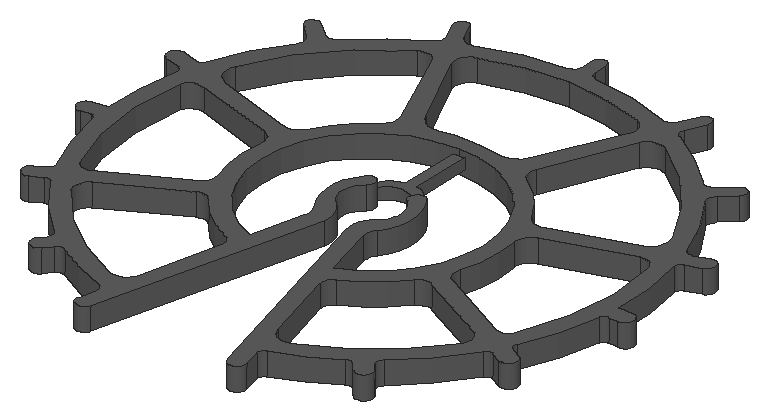
Revit family "101010009209804", category Modelos genéricos, Revit 2018
Family settings
  Puede alojar armadura = No
  Cota de conector redondo = Diámetro de uso
  Tipo de pieza = Normal
  Se basa en plano de trabajo = No
  Siempre vertical = No
  Corte con vacíos al cargar = No
  Compartido = No
  Punto de cálculo de habitación = No
Parameters (values of type "SEPARADOR MOLDAJE RUEDA 50MM BOLSA 200UN")
  Ventajas = "Mantiene un mínimo contacto con el moldaje. Evitan que las barras se curven, desplacen ó se muevan durante el vaciado del hormigón."
  Uso = "Para distanciar una barra o malla, del encofrado, y placa de fenólico en muros, en trabajos verticales, y vigas de losa."
  Unidad = "Bolsa 200 Un."
  URL = "https://www.empresascnp.cl/"
  Num SKUs = "101010009209804"
  Nombre SKU = "SEPARADOR MOLDAJE RUEDA 50MM BOLSA 200UN"
  Modelo = "SEPARADOR MOLDAJE RUEDA"
  Material = PEAD
  Url Ficha tecnica = "https://empresascnp.cl/wp-content/uploads//pdf/ficha-tecnica-separador-moldaje-t-muela-bolsa-1-000un.pdf"
  Espesor = 0.00 mm
  Empresa = "CNP SPA."
  Dureza = ""
  Dimension = 50.00 mm
  Descripción = "Se usa para distanciar una barra o malla, del encofrado o fenólico."
  Contacto = "info@empresascnp.cl"
  Color = "Negro"
  Aplicacion = "Se insertan a modo de clip a presión en forma vertical, en elacero de refuerzo estructural (barras), más cercanas al encofrado ó fenólica. (4 Un. x m2 Aprox.)"
Reference planes
  plane 1 "Center F/B": y = 0
  plane 2: z = 0
  plane 3 "Center L/R": x = 0
  plane 4: z = 25
  plane 5: z = 12.5
  plane 6 "10": x = -25
  plane 7 "11": x = 25
  plane 8 "12": y = 25
  plane 9 "13": y = -25
Forms (mm)
  Extrusion 1, solid, material "PEAD" <- "Material"
    sketch origin (0, 0, 0) x (1, 0, 0) y (0, 1, 0)
      loop
        arc (6.034, -24.462) -> (6.936, -24.992) -> (7.465, -24.09) r 0.739
        line (7.465, -24.09) -> (7.074, -22.589)
        arc (7.074, -22.589) -> (7.125, -22.159) -> (7.453, -21.877) r 0.596
        arc (7.453, -21.877) -> (10, -20.803) -> (12.398, -19.428) r 22.731
        arc (12.398, -19.428) -> (12.846, -19.332) -> (13.241, -19.566) r 0.631
        line (13.241, -19.566) -> (13.76, -20.231)
        arc (13.76, -20.231) -> (14.81, -20.36) -> (14.939, -19.311) r 0.748
        line (14.939, -19.311) -> (14.455, -18.692)
        arc (14.455, -18.692) -> (14.325, -18.241) -> (14.545, -17.827) r 0.626
        arc (14.545, -17.827) -> (17.025, -15.393) -> (19.105, -12.609) r 22.731
        arc (19.105, -12.609) -> (19.457, -12.352) -> (19.89, -12.402) r 0.597
        line (19.89, -12.402) -> (20.799, -12.885)
        arc (20.799, -12.885) -> (21.811, -12.576) -> (21.501, -11.565) r 0.748
        line (21.501, -11.565) -> (20.598, -11.085)
        arc (20.598, -11.085) -> (20.333, -10.769) -> (20.361, -10.357) r 0.552
        arc (20.361, -10.357) -> (21.617, -7.179) -> (22.383, -3.849) r 22.731
        arc (22.383, -3.849) -> (22.583, -3.509) -> (22.963, -3.401) r 0.531
        line (22.963, -3.401) -> (23.782, -3.487)
        arc (23.782, -3.487) -> (24.604, -2.822) -> (23.938, -2) r 0.748
        line (23.938, -2) -> (22.596, -1.859)
        arc (22.596, -1.859) -> (22.553, 1.562) -> (21.997, 4.939) r 22.731
        arc (21.997, 4.939) -> (22.049, 5.321) -> (22.347, 5.566) r 0.528
        line (22.347, 5.566) -> (23.717, 6.011)
        arc (23.717, 6.011) -> (24.197, 6.953) -> (23.255, 7.433) r 0.748
        line (23.255, 7.433) -> (21.934, 7.004)
        arc (21.934, 7.004) -> (21.54, 7.031) -> (21.276, 7.325) r 0.527
        arc (21.276, 7.325) -> (19.876, 10.432) -> (18.027, 13.295) r 22.731
        arc (18.027, 13.295) -> (17.841, 13.939) -> (18.135, 14.542) r 0.934
        line (18.135, 14.542) -> (19.309, 15.637)
        arc (19.309, 15.637) -> (19.368, 16.478) -> (18.527, 16.536) r 0.596
        line (18.527, 16.536) -> (17.356, 15.519)
        arc (17.356, 15.519) -> (16.696, 15.286) -> (16.056, 15.567) r 0.952
        arc (16.056, 15.567) -> (13.598, 17.714) -> (10.857, 19.487) r 22.731
        arc (10.857, 19.487) -> (10.524, 19.883) -> (10.541, 20.4) r 0.72
        line (10.541, 20.4) -> (11.279, 22.139)
        arc (11.279, 22.139) -> (10.991, 22.931) -> (10.2, 22.642) r 0.596
        line (10.2, 22.642) -> (9.493, 21.128)
        arc (9.493, 21.128) -> (9.01, 20.673) -> (8.346, 20.674) r 0.898
        arc (8.346, 20.674) -> (4.876, 21.748) -> (1.279, 22.256) r 22.731
        arc (1.279, 22.256) -> (0.868, 22.443) -> (0.686, 22.857) r 0.631
        line (0.686, 22.857) -> (0.631, 24.067)
        arc (0.631, 24.067) -> (0.081, 24.747) -> (-0.554, 24.146) r 0.596
        line (-0.554, 24.146) -> (-0.541, 22.982)
        arc (-0.541, 22.982) -> (-0.734, 22.486) -> (-1.216, 22.26) r 0.715
        arc (-1.216, 22.26) -> (-4.845, 21.755) -> (-8.346, 20.674) r 22.731
        arc (-8.346, 20.674) -> (-9.01, 20.673) -> (-9.493, 21.128) r 0.898
        line (-9.493, 21.128) -> (-10.2, 22.642)
        arc (-10.2, 22.642) -> (-10.991, 22.931) -> (-11.279, 22.139) r 0.596
        line (-11.279, 22.139) -> (-10.541, 20.4)
        arc (-10.541, 20.4) -> (-10.524, 19.883) -> (-10.857, 19.487) r 0.72
        arc (-10.857, 19.487) -> (-13.598, 17.714) -> (-16.056, 15.567) r 22.731
        arc (-16.056, 15.567) -> (-16.696, 15.286) -> (-17.356, 15.519) r 0.952
        line (-17.356, 15.519) -> (-18.527, 16.536)
        arc (-18.527, 16.536) -> (-19.368, 16.478) -> (-19.309, 15.637) r 0.596
        line (-19.309, 15.637) -> (-18.135, 14.542)
        arc (-18.135, 14.542) -> (-17.841, 13.939) -> (-18.027, 13.295) r 0.934
        arc (-18.027, 13.295) -> (-19.876, 10.432) -> (-21.276, 7.325) r 22.731
        arc (-21.276, 7.325) -> (-21.54, 7.031) -> (-21.934, 7.004) r 0.527
        line (-21.934, 7.004) -> (-23.255, 7.433)
        arc (-23.255, 7.433) -> (-24.197, 6.953) -> (-23.717, 6.011) r 0.748
        line (-23.717, 6.011) -> (-22.347, 5.566)
        arc (-22.347, 5.566) -> (-22.049, 5.321) -> (-21.997, 4.939) r 0.528
        arc (-21.997, 4.939) -> (-22.553, 1.562) -> (-22.596, -1.859) r 22.731
        line (-22.596, -1.859) -> (-23.938, -2)
        arc (-23.938, -2) -> (-24.604, -2.822) -> (-23.782, -3.487) r 0.748
        line (-23.782, -3.487) -> (-22.963, -3.401)
        arc (-22.963, -3.401) -> (-22.583, -3.509) -> (-22.383, -3.849) r 0.531
        arc (-22.383, -3.849) -> (-21.617, -7.179) -> (-20.361, -10.357) r 22.731
        arc (-20.361, -10.357) -> (-20.333, -10.769) -> (-20.598, -11.085) r 0.552
        line (-20.598, -11.085) -> (-21.501, -11.565)
        arc (-21.501, -11.565) -> (-21.811, -12.576) -> (-20.799, -12.885) r 0.748
        line (-20.799, -12.885) -> (-19.89, -12.402)
        arc (-19.89, -12.402) -> (-19.457, -12.352) -> (-19.105, -12.609) r 0.597
        arc (-19.105, -12.609) -> (-17.025, -15.393) -> (-14.545, -17.827) r 22.731
        arc (-14.545, -17.827) -> (-14.325, -18.241) -> (-14.455, -18.692) r 0.626
        line (-14.455, -18.692) -> (-14.939, -19.311)
        arc (-14.939, -19.311) -> (-14.81, -20.36) -> (-13.76, -20.231) r 0.748
        line (-13.76, -20.231) -> (-13.241, -19.566)
        arc (-13.241, -19.566) -> (-12.846, -19.332) -> (-12.398, -19.428) r 0.631
        arc (-12.398, -19.428) -> (-10, -20.803) -> (-7.453, -21.877) r 22.731
        arc (-7.453, -21.877) -> (-7.125, -22.159) -> (-7.074, -22.589) r 0.596
        line (-7.074, -22.589) -> (-7.465, -24.09)
        arc (-7.465, -24.09) -> (-6.936, -24.992) -> (-6.034, -24.462) r 0.739
        line (-6.034, -24.462) -> (-0.97, -5.001)
        arc (-0.97, -5.001) -> (-1.019, -3.732) -> (-1.762, -2.703) r 2.197
        arc (-1.762, -2.703) -> (-2.617, -0.988) -> (-1.786, 0.737) r 2.177
        arc (-1.786, 0.737) -> (-1.531, 1.352) -> (-1.92, 1.892) r 0.682
        arc (-1.92, 1.892) -> (-2.366, 1.937) -> (-2.744, 1.695) r 0.682
        arc (-2.744, 1.695) -> (-3.702, -0.974) -> (-2.866, -3.683) r 4.481
        arc (-2.866, -3.683) -> (-2.541, -4.449) -> (-2.571, -5.28) r 1.914
        line (-2.571, -5.28) -> (-3.751, -9.818)
        arc (-3.751, -9.818) -> (-9.629, 1.004) -> (0, 8.682) r 9.586
        arc (0, 8.682) -> (9.629, 1.004) -> (3.751, -9.818) r 9.586
        line (3.751, -9.818) -> (2.523, -5.096)
        arc (2.523, -5.096) -> (2.504, -4.415) -> (2.785, -3.794) r 1.518
        arc (2.785, -3.794) -> (3.703, -1.042) -> (2.744, 1.695) r 4.481
        arc (2.744, 1.695) -> (2.366, 1.937) -> (1.92, 1.892) r 0.682
        arc (1.92, 1.892) -> (1.531, 1.352) -> (1.786, 0.737) r 0.682
        arc (1.786, 0.737) -> (2.617, -0.988) -> (1.762, -2.703) r 2.177
        arc (1.762, -2.703) -> (1.019, -3.732) -> (0.97, -5.001) r 2.197
        line (0.97, -5.001) -> (6.034, -24.462)
      loop
        arc (0, 10) -> (1.303, 9.958) -> (2.591, 9.762) r 11.025
        arc (2.591, 9.762) -> (3.817, 9.918) -> (4.679, 10.803) r 1.873
        line (4.679, 10.803) -> (7.873, 17.654)
        arc (7.873, 17.654) -> (7.897, 18.775) -> (7.084, 19.549) r 1.389
        arc (7.084, 19.549) -> (3.595, 20.475) -> (0, 20.797) r 21.231
        arc (0, 20.797) -> (-3.595, 20.475) -> (-7.084, 19.549) r 21.231
        arc (-7.084, 19.549) -> (-7.897, 18.775) -> (-7.873, 17.654) r 1.389
        line (-7.873, 17.654) -> (-4.679, 10.803)
        arc (-4.679, 10.803) -> (-3.817, 9.918) -> (-2.591, 9.762) r 1.873
        arc (-2.591, 9.762) -> (-1.303, 9.958) -> (0, 10) r 11.025
      loop
        line (4.354, -12.133) -> (6.165, -19.092)
        arc (6.165, -19.092) -> (6.9, -19.997) -> (8.065, -20.036) r 1.406
        arc (8.065, -20.036) -> (13.218, -16.977) -> (17.31, -12.599) r 21.231
        arc (17.31, -12.599) -> (17.499, -11.602) -> (16.878, -10.8) r 1.236
        line (16.878, -10.8) -> (10.476, -7.396)
        arc (10.476, -7.396) -> (9.713, -7.291) -> (9.063, -7.705) r 1.117
        arc (9.063, -7.705) -> (7.173, -9.638) -> (4.868, -11.053) r 11.025
        arc (4.868, -11.053) -> (4.414, -11.499) -> (4.354, -12.133) r 0.93
      loop
        line (11.557, 3.632) -> (18.329, 5.832)
        arc (18.329, 5.832) -> (19.343, 6.743) -> (19.348, 8.106) r 1.68
        arc (19.348, 8.106) -> (15.894, 13.54) -> (10.97, 17.689) r 21.231
        arc (10.97, 17.689) -> (9.921, 17.814) -> (9.141, 17.102) r 1.269
        line (9.141, 17.102) -> (6, 9.702)
        arc (6, 9.702) -> (5.95, 8.823) -> (6.47, 8.113) r 1.303
        arc (6.47, 8.113) -> (8.452, 6.397) -> (9.973, 4.262) r 11.025
        arc (9.973, 4.262) -> (10.651, 3.661) -> (11.557, 3.632) r 1.335
      loop
        line (11.285, -6.133) -> (17.87, -9.634)
        arc (17.87, -9.634) -> (18.672, -9.698) -> (19.266, -9.157) r 1.011
        arc (19.266, -9.157) -> (21.003, -2.847) -> (20.736, 3.693) r 21.231
        arc (20.736, 3.693) -> (20.191, 4.46) -> (19.255, 4.561) r 1.148
        line (19.255, 4.561) -> (12.09, 2.233)
        arc (12.09, 2.233) -> (11.359, 1.656) -> (11.179, 0.742) r 1.343
        arc (11.179, 0.742) -> (11.279, -1.985) -> (10.705, -4.653) r 11.025
        arc (10.705, -4.653) -> (10.721, -5.5) -> (11.285, -6.133) r 1.22
      loop
        arc (-4.354, -12.133) -> (-4.414, -11.499) -> (-4.868, -11.053) r 0.93
        arc (-4.868, -11.053) -> (-7.173, -9.638) -> (-9.063, -7.705) r 11.025
        arc (-9.063, -7.705) -> (-9.713, -7.291) -> (-10.476, -7.396) r 1.117
        line (-10.476, -7.396) -> (-16.878, -10.8)
        arc (-16.878, -10.8) -> (-17.499, -11.602) -> (-17.31, -12.599) r 1.236
        arc (-17.31, -12.599) -> (-13.218, -16.977) -> (-8.065, -20.036) r 21.231
        arc (-8.065, -20.036) -> (-6.9, -19.997) -> (-6.165, -19.092) r 1.406
        line (-6.165, -19.092) -> (-4.354, -12.133)
      loop
        arc (-11.557, 3.632) -> (-10.651, 3.661) -> (-9.973, 4.262) r 1.335
        arc (-9.973, 4.262) -> (-8.452, 6.397) -> (-6.47, 8.113) r 11.025
        arc (-6.47, 8.113) -> (-5.95, 8.823) -> (-6, 9.702) r 1.303
        line (-6, 9.702) -> (-9.141, 17.102)
        arc (-9.141, 17.102) -> (-9.921, 17.814) -> (-10.97, 17.689) r 1.269
        arc (-10.97, 17.689) -> (-15.894, 13.54) -> (-19.348, 8.106) r 21.231
        arc (-19.348, 8.106) -> (-19.343, 6.743) -> (-18.329, 5.832) r 1.68
        line (-18.329, 5.832) -> (-11.557, 3.632)
      loop
        arc (-11.285, -6.133) -> (-10.721, -5.5) -> (-10.705, -4.653) r 1.22
        arc (-10.705, -4.653) -> (-11.279, -1.985) -> (-11.179, 0.742) r 11.025
        arc (-11.179, 0.742) -> (-11.359, 1.656) -> (-12.09, 2.233) r 1.343
        line (-12.09, 2.233) -> (-19.255, 4.561)
        arc (-19.255, 4.561) -> (-20.191, 4.46) -> (-20.736, 3.693) r 1.148
        arc (-20.736, 3.693) -> (-21.003, -2.847) -> (-19.266, -9.157) r 21.231
        arc (-19.266, -9.157) -> (-18.672, -9.698) -> (-17.87, -9.634) r 1.011
        line (-17.87, -9.634) -> (-11.285, -6.133)
    from 0 to 2
  Extrusion 2, solid, material "PEAD" <- "Material"
    sketch origin (0, 0, 0) x (1, 0, 0) y (0, 1, 0)
      loop
        line (-0.434, 8.683) -> (-0.434, 3.37)
        arc (-0.434, 3.37) -> (-1.499, 2.885) -> (-2.208, 1.956) r 2.404
        arc (-2.208, 1.956) -> (-1.835, 1.844) -> (-1.583, 1.547) r 0.682
        arc (-1.583, 1.547) -> (0, 2.482) -> (1.583, 1.547) r 1.807
        arc (1.583, 1.547) -> (1.835, 1.844) -> (2.208, 1.956) r 0.682
        arc (2.208, 1.956) -> (1.538, 2.853) -> (0.533, 3.35) r 2.404
        line (0.533, 3.35) -> (0.533, 8.683)
        arc (0.533, 8.683) -> (0.05, 8.794) -> (-0.434, 8.683) r 1.105
    from 0.5 to 1.5
